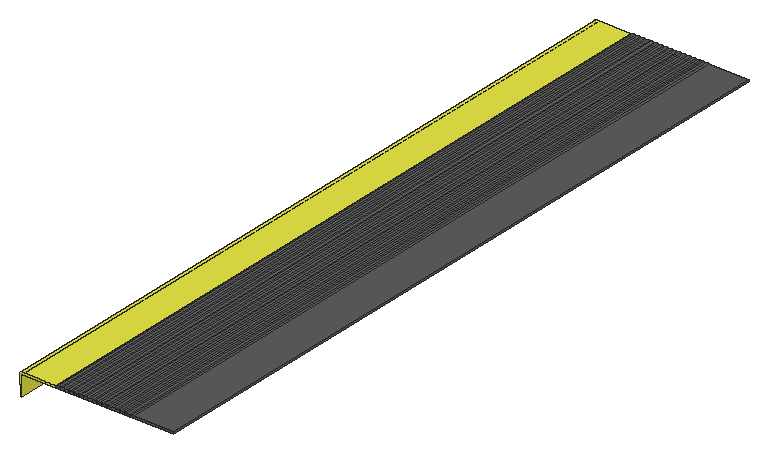
Revit family "111213017025901", category Modelos genéricos, Revit 2018
Family settings
  Puede alojar armadura = No
  Cota de conector redondo = Diámetro de uso
  Tipo de pieza = Normal
  Se basa en plano de trabajo = No
  Siempre vertical = No
  Corte con vacíos al cargar = No
  Compartido = No
  Punto de cálculo de habitación = No
Parameters (values of type "GRADA ESTRIADA GOMA 320X4MM NEGRO AMARILLO TIRA 1.2MT")
  Ventajas = "Autoextinguible"
  Uso = "Gradas de goma son fabricadas en caucho SBR/Natural, ideal para zonas de alto\r\ntráfico con diseño . El diseño Bi-Color permite divisar a distancia los escalones para\r\nprevenir accidentes."
  Unidad = "Tiras de 1.20 Mts y 1.50 Mts."
  URL = "https://www.empresascnp.cl/"
  Num SKUs = "111213017025901"
  Nombre SKU = "GRADA ESTRIADA GOMA 320X4MM NEGRO AMARILLO TIRA 1.5MT"
  Modelo = "GRADA ESTRIADA GOMA 320X4MM"
  Material = PVC flexible negro amarillo
  Url Ficha tecnica = "https://empresascnp.cl/wp-content/uploads//pdf/ficha-tecnica-grada-estriada-goma-320x4mm-negro-amarillo-tira-1-5mt.pdf"
  Largo = 1500.00 mm
  Espesor = 4.00 mm
  Empresa = "CNP SPA."
  Dureza = "80 shore A"
  Dimension = 320.00 mm
  Descripción = "Grada Estriada 320x45 MM."
  Contacto = "info@empresascnp.cl"
  Color = "Negro y amarillo"
  Aplicacion = "Escaleras"
  Alto = 45.00 mm
Reference planes
  plane 1 "Center F/B": y = 0
  plane 2: z = 0
  plane 3 "Center L/R": x = 0
  plane 4: z = -45
  plane 5 "2": y = 750
  plane 6 "3": y = -750
  plane 7: x = 320
  plane 8: z = -2
  plane 9 "4": x = 2
  plane 10 "5": x = 74
Forms (mm)
  Extrusion 1, solid, material "PVC flexible negro amarillo" <- "Material"
    sketch origin (0, 0, 0) x (1, 0, 0) y (0, 0, 1)
      loop
        line (320, 0) -> (237.639, 0)
        arc (237.639, 0) -> (235.231, 0.87) -> (232.824, 0) r 3.766
        arc (232.824, 0) -> (230.417, -0.87) -> (228.009, 0) r 3.766
        arc (228.009, 0) -> (225.602, 0.87) -> (223.194, 0) r 3.766
        arc (223.194, 0) -> (220.787, -0.87) -> (218.38, 0) r 3.766
        arc (218.38, 0) -> (215.972, 0.87) -> (213.565, 0) r 3.766
        arc (213.565, 0) -> (211.157, -0.87) -> (208.75, 0) r 3.766
        arc (208.75, 0) -> (206.343, 0.87) -> (203.935, 0) r 3.766
        arc (203.935, 0) -> (201.528, -0.87) -> (199.12, 0) r 3.766
        arc (199.12, 0) -> (196.713, 0.87) -> (194.306, 0) r 3.766
        arc (194.306, 0) -> (191.898, -0.87) -> (189.491, 0) r 3.766
        arc (189.491, 0) -> (187.083, 0.87) -> (184.676, 0) r 3.766
        arc (184.676, 0) -> (182.269, -0.87) -> (179.861, 0) r 3.766
        arc (179.861, 0) -> (177.454, 0.87) -> (175.046, 0) r 3.766
        arc (175.046, 0) -> (172.639, -0.87) -> (170.231, 0) r 3.766
        arc (170.231, 0) -> (167.824, 0.87) -> (165.417, 0) r 3.766
        arc (165.417, 0) -> (163.009, -0.87) -> (160.602, 0) r 3.766
        arc (160.602, 0) -> (158.194, 0.87) -> (155.787, 0) r 3.766
        arc (155.787, 0) -> (153.38, -0.87) -> (150.972, 0) r 3.766
        arc (150.972, 0) -> (148.565, 0.87) -> (146.157, 0) r 3.766
        arc (146.157, 0) -> (143.75, -0.87) -> (141.343, 0) r 3.766
        arc (141.343, 0) -> (138.935, 0.87) -> (136.528, 0) r 3.766
        arc (136.528, 0) -> (134.12, -0.87) -> (131.713, 0) r 3.766
        arc (131.713, 0) -> (129.306, 0.87) -> (126.898, 0) r 3.766
        arc (126.898, 0) -> (124.491, -0.87) -> (122.083, 0) r 3.766
        arc (122.083, 0) -> (119.676, 0.87) -> (117.269, 0) r 3.766
        arc (117.269, 0) -> (114.861, -0.87) -> (112.454, 0) r 3.766
        arc (112.454, 0) -> (110.046, 0.87) -> (107.639, 0) r 3.766
        arc (107.639, 0) -> (105.231, -0.87) -> (102.824, 0) r 3.766
        arc (102.824, 0) -> (100.417, 0.87) -> (98.009, 0) r 3.766
        arc (98.009, 0) -> (95.602, -0.87) -> (93.194, 0) r 3.766
        arc (93.194, 0) -> (90.787, 0.87) -> (88.38, 0) r 3.766
        arc (88.38, 0) -> (85.972, -0.87) -> (83.565, 0) r 3.766
        arc (83.565, 0) -> (81.157, 0.87) -> (78.75, 0) r 3.766
        line (78.75, 0) -> (74, 0) -> (74, -4) -> (320, -4) -> (320, 0)
    from -750 to 750
  Extrusion 2, solid, material "PVC flexible amarillo"
    sketch origin (0, 0, -20) x (1, 0, 0) y (0, 0, 1)
      loop
        line (0, 17) -> (0, -25) -> (4, -25) -> (4, 15)
        arc (4, 15) -> (4.293, 15.707) -> (5, 16) r 1
        line (5, 16) -> (74, 16) -> (74, 20) -> (3, 20)
        arc (3, 20) -> (0.879, 19.121) -> (0, 17) r 3
    from -750 to 750
Dimensions and locks
  "Alto": level to plane 4
  equal spacing: plane 6 "3", plane 1 "Center F/B", plane 5 "2"
  "Largo": plane 6 "3" to plane 5 "2"
  "Dimension": plane 7 to plane 3 "Center L/R"
  "Espesor": plane 2 to Extrusion 1 sketch curve
  locked: plane 10 "5" to plane 3 "Center L/R" at 74
  aligned and locked: plane 6 "3" to Extrusion 1
  aligned and locked: Extrusion 1 to plane 5 "2"
  aligned and locked: plane 2 to Extrusion 1 sketch curve
  aligned and locked: Extrusion 1 sketch curve to plane 7
  aligned and locked: Extrusion 1 sketch curve to plane 10 "5"
  aligned and locked: Extrusion 2 to Extrusion 1  (x2)
Automatic sketch dimensions
  Extrusion 2 sketch curve to plane 3 "Center L/R" = 0.00 mm
  Extrusion 2 sketch curve to plane 4 = 0.00 mm
  plane 8 to Extrusion 2 sketch curve = 1.00 mm
  plane 9 "4" to Extrusion 2 sketch curve = 2.00 mm
  Extrusion 2 sketch curve to Extrusion 2 sketch curve = 1.00 mm
  plane 10 "5" to Extrusion 2 sketch curve = 0.00 mm
  Extrusion 2 sketch curve to Extrusion 2 sketch curve = 2.00 mm
  Extrusion 2 sketch curve to level = 0.00 mm
  Extrusion 1 sketch curve to level = 0.00 mm  (x65)
  plane 10 "5" to Extrusion 1 sketch curve = 4.75 mm
  plane 8 to Extrusion 1 sketch curve = 0.896 mm  (x17)
  Extrusion 1 sketch curve to Extrusion 1 sketch curve = 2.407 mm
  level to Extrusion 1 sketch curve = 2.896 mm  (x16)
